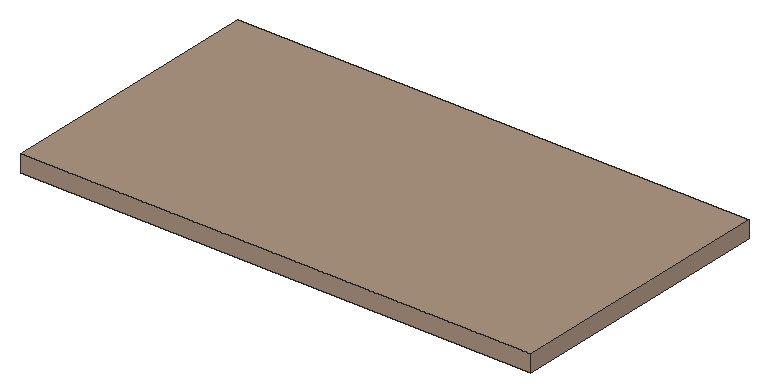
Revit family "Accessory-Teknion-SFVO_Storage_Top-R2015", category Furniture, Revit 2015
Parameters (values of type "Storage Top")
  Worksurface Width [instance] = 30.000"
  Worksurface Finish [instance] = Foundation Laminate - Teknion - YA - Anigre
  Worksurface Depth [instance] = 16.000"
  Warranty = "http://www.teknion.com/ca/papers/legal-canada"
  Unit Weight URL = "http://www.teknion.com/ca/tools/assets#&asset=bee6a381-b954-425e-8283-5a2de3a804f2,f828d448-4b62-4231-9e5f-9a8991c0ed77"
  URL = "www.teknion.com"
  Sustainability Data = "http://www.teknion.com/ca/tools/assets#&topic=216f99a5-57a0-44fc-b10a-9dee9b29ae4c&asset=444deb64-fe58-4b68-981e-f75e97781df7"
  Series = "Filing & Storage"  # constant formula
  Product Page URL = "http://www.teknion.com/ca/products/product-details?productlineid=1293336e-8e7a-673b-a6c8-ff00004460c4"
  Product Line = "Filing & Storage"  # constant formula
  Product Documentation Link = "http://www.teknion.com/pricing/filing-storage/pdfs/SFVO_ppg.pdf"
  Part Number = "SFVO"
  Model = "SFVO_"
  Manufacturer Phone = "416-661-3370"  # constant formula
  Manufacturer Fax = "416.661.4586"  # constant formula
  Manufacturer Contact Information = "http://www.teknion.com/ca/contactus"
  Manufacturer Address = "1150 Flint Road, Toronto, ON. M3J 2J5. Canada"  # constant formula
  Manufacturer = "Teknion"  # constant formula
  Description = "Storage Top"
  Default Elevation = 48.000"
  Available Widths [instance] = "30, 36, 42, 48, 60, 66, 72, 78, & 84 Inches. Note if Depth 16 Inches selected Widths Available are limited to 30, 36, 42, & 48 Inches."  # constant formula
  Available Depths [instance] = "16, 18, 20, & 21 Inches."  # constant formula
  Assembly Code = "E2020200"
Reference planes (in)
  plane 1 "Center Front/Back": y = 0
  plane 2: z = 0
  plane 3 "Center Left/Right": x = 0
  plane 4 "Left": x = -15
  plane 5 "Right": x = 15
  plane 6 "Back": y = 8
  plane 7 "Front": y = -8
  plane 8 "Top": z = 1
Forms (in)
  Extrusion 1, solid, material "Foundation Laminate - Teknion - YA - Anigre" <- "Worksurface Finish"
    sketch origin (0, 0, 0) x (1, 0, 0) y (0, 1, 0)
      loop
        line (-15, 8) -> (-15, -8) -> (15, -8) -> (15, 8) -> (-15, 8)
    from 0 to 1
Lines and regions (in)
  Masking region 1
    outline origin (0, 0, 0) x (1, 0, 0) y (0, 1, 0)
      loop
        line (-15, 8) -> (-15, -8) -> (15, -8) -> (15, 8) -> (-15, 8)
  reference lines, not visible
    curve 1: line (-15, 8, 0) -> (-15, -8, 0)
    curve 2: line (-15, -8, 0) -> (15, -8, 0)
    curve 3: line (15, -8, 0) -> (15, 8, 0)
    curve 4: line (15, 8, 0) -> (-15, 8, 0)
Dimensions and locks (in)
  "Worksurface Width": plane 4 "Left" to plane 5 "Right"
  "Worksurface Depth": plane 6 "Back" to plane 7 "Front"
  locked: plane 8 "Top" to level at 1
  equal spacing: plane 6 "Back", plane 1 "Center Front/Back", plane 7 "Front"
  equal spacing: plane 4 "Left", plane 3 "Center Left/Right", plane 5 "Right"
  aligned and locked: level to plane 2
  aligned and locked: Extrusion 1 sketch curve to plane 6 "Back"
  aligned and locked: plane 5 "Right" to Extrusion 1 sketch curve
  aligned and locked: Extrusion 1 sketch curve to plane 7 "Front"
  aligned and locked: plane 4 "Left" to Extrusion 1 sketch curve
  aligned and locked: Masking region 1 sketch curve to plane 6 "Back"
  aligned and locked: plane 5 "Right" to Masking region 1 sketch curve
  aligned and locked: Masking region 1 sketch curve to plane 7 "Front"
  aligned and locked: plane 4 "Left" to Masking region 1 sketch curve
  aligned and locked: plane 6 "Back" to curve 4
  aligned and locked: curve 3 to plane 5 "Right"
  aligned and locked: plane 7 "Front" to curve 2
  aligned and locked: curve 1 to plane 4 "Left"
  aligned and locked: plane 8 "Top" to Extrusion 1
  aligned and locked: Extrusion 1 to level
